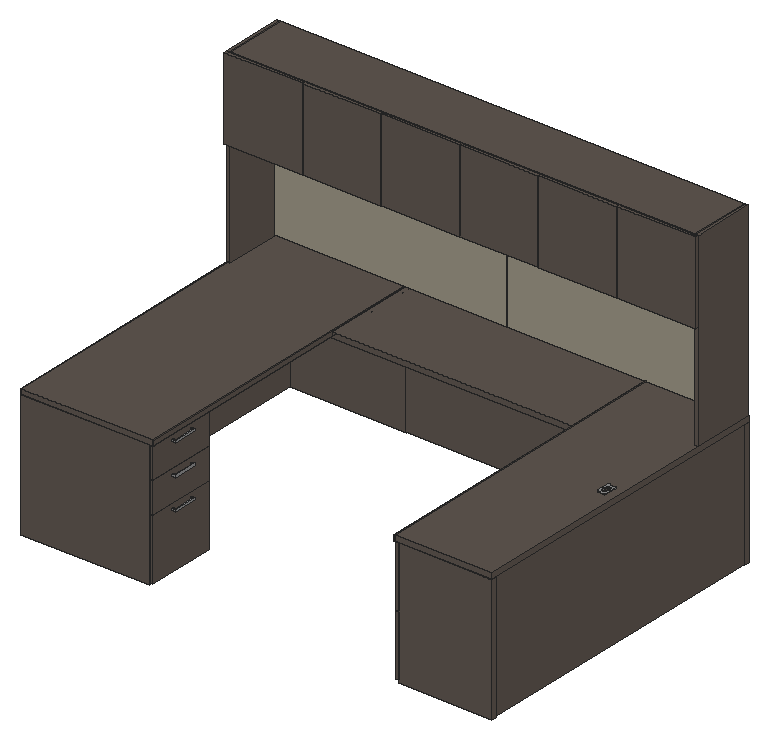
Revit family "T100140", category Furniture, Revit 2022 (continued)
Definition of nested family "FIRST OFFICE-PULSE_DESK_SINGLE_PED_LEFT"
  Automatic sketch dimensions
    Extrusion 8 sketch curve to Extrusion 8 sketch curve = 3/16"
    plane 13 "DRAWER FRONT" to Extrusion 9 sketch curve = 0"  (x2)
    plane 22 to Extrusion 9 sketch curve = 4 5/32"
    Extrusion 9 sketch curve to Extrusion 9 sketch curve = 3/8"  (x2)
    plane 8 "FRONT" to Extrusion 9 sketch curve = 9/16"
    Extrusion 9 sketch curve to plane 23 = 4.84425"
    Extrusion 9 sketch curve to Extrusion 9 sketch curve = 3/16"
    Masking region 1 sketch curve to plane 4 "LEFT" = 0"
    Masking region 1 sketch curve to plane 5 "RIGHT" = 0"
    plane 8 "FRONT" to Masking region 1 sketch curve = 0"
    Masking region 1 sketch curve to plane 14 "ARC DEPTH" = 0"
    Extrusion 10 sketch curve to plane 10 "PEDESTAL TOP" = 0"
    Extrusion 10 sketch curve to plane 12 "PEDESTAL FRONT" = 0"
    Extrusion 10 sketch curve to plane 14 "ARC DEPTH" = 0"
    Extrusion 10 sketch curve to plane 9 "PEDESTAL BOTTOM" = 0.001"
    plane 12 "PEDESTAL FRONT" to Extrusion 11 sketch curve = 0"
    Extrusion 11 sketch curve to plane 19 = 0"
    Extrusion 11 sketch curve to plane 30 = 0"
    Extrusion 11 sketch curve to plane 22 = 0"
    Extrusion 12 sketch curve to plane 8 "FRONT" = 0"
    Extrusion 12 sketch curve to plane 14 "ARC DEPTH" = 0"
    Extrusion 12 sketch curve to plane 10 "PEDESTAL TOP" = 0"
    Extrusion 12 sketch curve to plane 9 "PEDESTAL BOTTOM" = 0.001"
    plane 13 "DRAWER FRONT" to Extrusion 13 sketch curve = 0"
    Extrusion 13 sketch curve to plane 20 = 0"
    Extrusion 13 sketch curve to plane 30 = 0"
    Extrusion 13 sketch curve to plane 24 = 0"
    Extrusion 14 sketch curve to plane 7 "BASE HEIGHT" = 0"
    Extrusion 14 sketch curve to plane 12 "PEDESTAL FRONT" = 0"
    Extrusion 14 sketch curve to plane 9 "PEDESTAL BOTTOM" = 0"
    plane 12 "PEDESTAL FRONT" to Extrusion 15 sketch curve = 0"
    Extrusion 15 sketch curve to plane 22 = 0"
    Extrusion 15 sketch curve to plane 23 = 0"
    plane 12 "PEDESTAL FRONT" to Extrusion 16 sketch curve = 0"
    Extrusion 16 sketch curve to plane 22 = 0"
    Extrusion 16 sketch curve to plane 28 = 0"
    Extrusion 16 sketch curve to plane 23 = 0"
    plane 8 "FRONT" to Masking region 2 sketch curve = 0"  (x2)
    plane 8 "FRONT" to Masking region 2 sketch curve = 3/4"
    plane 22 to Masking region 2 sketch curve = 4 5/32"
    Masking region 2 sketch curve to Masking region 2 sketch curve = 3/8"  (x2)
    Masking region 2 sketch curve to Masking region 2 sketch curve = 4 11/16"
    Masking region 2 sketch curve to Masking region 2 sketch curve = 3/16"
    Extrusion 14 sketch curve to plane 30 = 9 5/8"
Definition of nested family "OFS PULSE HIGHBACK ORGANIZERS w 6 DOORS"
  Parameters (values of type "Highback Organizer 6 Doors 106x43")
    Wood Frame Finish = none
    Height from Floor = 29 1/2"
    Default Elevation = 0"
    Copyright © = "©OFS 2021"
    Chassis Material = none
    URL = "https://ofs.com/"
    Top Bottom Material = none
    Solid Door Finish = none
    Model = "4-10643HD6-2"
    Manufacturer = "OFS"
    Description = "OFS PULSE HIGHBACK ORGANIZER WITH 6 DOORS 106\" Width, 43\" Height"
    Catalog = "https://ofs.com/products/casegoods/private-office/pulse"
    Authoring Version = "Autodesk Revit Architecture 2015"
    Assembly Code = "E2020200"
    Width = 106"
    Height = 42 1/2"
  Types (4): name | Model | Description | Width
    (no name) | "4-10643HD6-2" | "OFS PULSE HIGHBACK ORGANIZER WITH 6 DOORS 106\" Width, 43\" Height" | 106"
    Highback Organizer 6 Doors 90x43 | "4-9043HD6-2" | "OFS PULSE HIGHBACK ORGANIZER WITH 6 DOORS 90\" Width, 43\" Height" | 90"
    Highback Organizer 6 Doors 96x43 | "4-9643HD6-2" | "OFS PULSE HIGHBACK ORGANIZER WITH 6 DOORS 96\" Width, 43\" Height" | 96"
    Highback Organizer 6 Doors 106x43 | "4-10643HD6-2" | "OFS PULSE HIGHBACK ORGANIZER WITH 6 DOORS 106\" Width, 43\" Height" | 106"
  Reference planes (in)
    plane 1 "BACK": y = 0
    plane 2: z = 0
    plane 3 "Center Left/Right": x = 0
    plane 4 "LEFT": x = -53
    plane 5 "RIGHT": x = 53
    plane 6 "FRONT": y = -14
    plane 7: z = 54.75
    plane 8: z = 72
    plane 9: y = -0.563
    plane 10: y = -1.313
    plane 11: z = 55.5
    plane 12: z = 71.25
    plane 13: x = -52.25
    plane 14: x = 52.25
    plane 15: x = -17.64567
    plane 16: x = -26.4685
    plane 17: x = -35.29133
    plane 18: x = 26.4685
    plane 19: x = 17.64567
    plane 20: x = 35.29133
    plane 21: x = 0.063
    plane 22: x = -52.937
    plane 23: x = -17.58267
    plane 24: x = -26.4055
    plane 25: x = -35.22833
    plane 26: x = 26.5315
    plane 27: x = 17.70867
    plane 28: x = 35.35433
    plane 29: x = -0.063
    plane 30: x = 52.937
    plane 31: x = -17.70867
    plane 32: x = -26.5315
    plane 33: x = -35.35433
    plane 34: x = 26.4055
    plane 35: x = 17.58267
    plane 36: x = 35.22833
    plane 37: y = -14.75
    plane 38: z = 29.5
    plane 39: z = 71.937
    plane 40: z = 53.499
    plane 41: z = 30
  Forms (in)
    Extrusion 1, solid, material <- "Top Bottom Material"
      sketch origin (0, 0, 15.705) x (1, 0, 0) y (0, 0, 1)
        loop
          line (-52.25, 39.795) -> (-52.25, 39.045) -> (52.25, 39.045) -> (52.25, 39.795) -> (-52.25, 39.795)
      from 1.313 to 14
    Extrusion 2, solid, material <- "Top Bottom Material"
      sketch origin (0, 0, 29.08) x (1, 0, 0) y (0, 0, 1)
        loop
          line (-52.25, 42.92) -> (-52.25, 42.17) -> (52.25, 42.17) -> (52.25, 42.92) -> (-52.25, 42.92)
      from 0 to 14
    Extrusion 3, solid, material <- "Chassis Material"
      sketch origin (-30, 0, 34.705) x (0, 1, 0) y (0, 0, 1)
        loop
          line (0, 37.295) -> (-14, 37.295) -> (-14, -5.205) -> (0, -5.205) -> (0, 37.295)
      from -23 to -22.25
    Extrusion 4, solid, material <- "Chassis Material"
      sketch origin (24, 0, 34.705) x (0, 1, 0) y (0, 0, -1)
        loop
          line (0, -37.295) -> (0, 5.205) -> (-14, 5.205) -> (-14, -37.295) -> (0, -37.295)
      from -29 to -28.25
    Extrusion 5, solid, material <- "Chassis Material"
      sketch origin (0, 0, 34.705) x (1, 0, 0) y (0, 0, 1)
        loop
          line (-52.25, 36.545) -> (-52.25, -4.705) -> (52.25, -4.705) -> (52.25, 36.545) -> (-52.25, 36.545)
      from 0.563 to 1.313
    Extrusion 6, solid, material <- "Chassis Material"
      sketch origin (8.875, 0, 14) x (1, 0, 0) y (0, 1, 0)
        loop
          line (-26.89567, -1.313) -> (-26.89567, -14) -> (-26.14567, -14) -> (-26.14567, -1.313) -> (-26.89567, -1.313)
      from 41.5 to 57.25
    Extrusion 7, solid, material <- "Chassis Material", not visible
      sketch origin (17.75, 0, 14) x (1, 0, 0) y (0, 1, 0)
        loop
          line (-18.125, -1.313) -> (-18.125, -14) -> (-17.375, -14) -> (-17.375, -1.313) -> (-18.125, -1.313)
      from 41.5 to 57.25
    Extrusion 8, solid, material <- "Chassis Material"
      sketch origin (-8.875, 0, 14) x (-1, 0, 0) y (0, -1, 0)
        loop
          line (-26.89567, 1.313) -> (-26.14567, 1.313) -> (-26.14567, 14) -> (-26.89567, 14) -> (-26.89567, 1.313)
      from 41.5 to 57.25
    Extrusion 9, solid, material <- "Solid Door Finish"
      sketch origin (-29.15905, -15.875, 34.705) x (-1, 0, 0) y (0, 0, 1)
        loop
          line (23.77795, 37.232) -> (6.19528, 37.232) -> (6.19528, 18.794) -> (23.77795, 18.794) -> (23.77795, 37.232)
      from 1.125 to 1.875
    Extrusion 10, solid
      sketch origin (0, 0, 0.062) x (0, 1, 0) y (0, 0, 1)
        loop
          line (-1.313, 29.938) -> (-1.313, 29.438) -> (-0.563, 29.438) -> (-0.563, 29.938) -> (-1.313, 29.938)
      from -52.25 to 52.25
    Extrusion 11, solid, material <- "Solid Door Finish"
      sketch origin (-18.90905, -15.875, 34.705) x (-1, 0, 0) y (0, 0, 1)
        loop
          line (16.31928, 37.232) -> (-1.20038, 37.232) -> (-1.20038, 18.794) -> (16.31928, 18.794) -> (16.31928, 37.232)
      from 1.125 to 1.875
    Extrusion 12, solid, material <- "Solid Door Finish"
      sketch origin (-8.65905, -15.875, 34.705) x (-1, 0, 0) y (0, 0, 1)
        loop
          line (8.92362, 37.232) -> (-8.59605, 37.232) -> (-8.59605, 18.794) -> (8.92362, 18.794) -> (8.92362, 37.232)
      from 1.125 to 1.875
    Extrusion 13, solid, material <- "Solid Door Finish"
      sketch origin (1.09095, -15.875, 34.705) x (-1, 0, 0) y (0, 0, 1)
        loop
          line (1.02795, 37.232) -> (-16.49172, 37.232) -> (-16.49172, 18.794) -> (1.02795, 18.794) -> (1.02795, 37.232)
      from 1.125 to 1.875
    Extrusion 14, solid, material <- "Solid Door Finish"
      sketch origin (10.85513, -15.875, 34.705) x (-1, 0, 0) y (0, 0, 1)
        loop
          line (-6.85354, 37.232) -> (-24.37321, 37.232) -> (-24.37321, 18.794) -> (-6.85354, 18.794) -> (-6.85354, 37.232)
      from 1.125 to 1.875
    Extrusion 15, solid, material <- "Solid Door Finish"
      sketch origin (21.10513, -15.875, 34.705) x (-1, 0, 0) y (0, 0, 1)
        loop
          line (-14.24921, 37.232) -> (-31.83187, 37.232) -> (-31.83187, 18.794) -> (-14.24921, 18.794) -> (-14.24921, 37.232)
      from 1.125 to 1.875
  Lines and regions (in)
    Masking region 1
      outline origin (0, 0, 0) x (1, 0, 0) y (0, 1, 0)
        loop
          line (-53, 0) -> (-53, -14) -> (53, -14) -> (53, 0) -> (-53, 0)
    Masking region 2
      outline origin (0, 0, 0) x (1, 0, 0) y (0, 1, 0)
        loop
          line (-53, 0) -> (-53, -14) -> (53, -14) -> (53, 0) -> (-53, 0)
    Masking region 3
      outline origin (0, 0, 0) x (1, 0, 0) y (0, 1, 0)
        loop
          line (-52.937, -14) -> (-52.937, -14.75) -> (-35.35433, -14.75) -> (-35.35433, -14) -> (-52.937, -14)
    Masking region 4
      outline origin (0, 0, 0) x (1, 0, 0) y (0, 1, 0)
        loop
          line (-35.22833, -14) -> (-35.22833, -14.75) -> (-17.70867, -14.75) -> (-17.70867, -14) -> (-35.22833, -14)
    Masking region 5
      outline origin (10.25, 0, 0) x (1, 0, 0) y (0, 1, 0)
        loop
          line (-27.83267, -14) -> (-27.83267, -14.75) -> (-10.313, -14.75) -> (-10.313, -14) -> (-27.83267, -14)
    Masking region 6
      outline origin (20.25, 0, 0) x (1, 0, 0) y (0, 1, 0)
        loop
          line (-20.187, -14) -> (-20.187, -14.75) -> (-2.66733, -14.75) -> (-2.66733, -14) -> (-20.187, -14)
    Masking region 7
      outline origin (30.5, 0, 0) x (1, 0, 0) y (0, 1, 0)
        loop
          line (-12.79133, -14) -> (-12.79133, -14.75) -> (4.72833, -14.75) -> (4.72833, -14) -> (-12.79133, -14)
    Masking region 8
      outline origin (40.75, 0, 0) x (1, 0, 0) y (0, 1, 0)
        loop
          line (-5.39567, -14) -> (-5.39567, -14.75) -> (12.187, -14.75) -> (12.187, -14) -> (-5.39567, -14)
    Masking region 9, not visible
      outline origin (0, 0, 0) x (1, 0, 0) y (0, 1, 0)
        loop
          line (-52.937, -14) -> (-52.937, -14.75) -> (-26.5315, -14.75) -> (-26.5315, -14) -> (-52.937, -14)
    Masking region 10, not visible
      outline origin (15.25, 0, 0) x (1, 0, 0) y (0, 1, 0)
        loop
          line (-41.6555, -14) -> (-41.6555, -14.75) -> (-15.313, -14.75) -> (-15.313, -14) -> (-41.6555, -14)
    Masking region 11, not visible
      outline origin (30.5, 0, 0) x (1, 0, 0) y (0, 1, 0)
        loop
          line (-30.437, -14) -> (-30.437, -14.75) -> (-4.0945, -14.75) -> (-4.0945, -14) -> (-30.437, -14)
    Masking region 12, not visible
      outline origin (51.25, 0, 0) x (1, 0, 0) y (0, 1, 0)
        loop
          line (-24.7185, -14) -> (-24.7185, -14.75) -> (1.687, -14.75) -> (1.687, -14) -> (-24.7185, -14)
  Dimensions and locks (in)
    "Width": plane 4 "LEFT" to plane 5 "RIGHT"
    locked: plane 6 "FRONT" to plane 1 "BACK" at 14
    locked: plane 8 to plane 12 at 0.75
    Extrusion 6 sketch curve to plane 15 to Extrusion 6 sketch curve = 3/8" locked, 3/8" locked
    Extrusion 7 sketch curve to plane 3 "Center Left/Right" to Extrusion 7 sketch curve = 3/8" locked, 3/8" locked
    Extrusion 8 sketch curve to plane 19 to Extrusion 8 sketch curve = 3/8" locked, 3/8" locked
    locked: plane 4 "LEFT" to plane 22 at 0.063
    plane 33 to plane 17 to plane 25 = 0.063" locked, 0.063" locked
    plane 32 to plane 16 to plane 24 = 0.063" locked, 0.063" locked
    locked: plane 4 "LEFT" to plane 13 at 0.75
    plane 31 to plane 15 to plane 23 = 0.063" locked, 0.063" locked
    plane 29 to plane 3 "Center Left/Right" to plane 21 = 0.063" locked, 0.063" locked
    plane 35 to plane 19 to plane 27 = 0.063" locked, 0.063" locked
    plane 34 to plane 18 to plane 26 = 0.063" locked, 0.063" locked
    plane 36 to plane 20 to plane 28 = 0.063" locked, 0.063" locked
    locked: plane 30 to plane 5 "RIGHT" at 0.063
    locked: plane 14 to plane 5 "RIGHT" at 0.75
    equal spacing: plane 22, plane 16, plane 3 "Center Left/Right", plane 18, plane 30
    equal spacing: plane 22, plane 17, plane 15, plane 3 "Center Left/Right"
    equal spacing: plane 3 "Center Left/Right", plane 19, plane 20, plane 30
    locked: plane 37 to plane 6 "FRONT" at 0.75
    locked: plane 8 to plane 39 at 0.063
    plane 10 to plane 9 to plane 1 "BACK" = 3/4" locked, 0.563" locked
    plane 11 to plane 7 to plane 40 to plane 41 to plane 38 = 3/4" locked, 1.251" locked, 23.499" locked, 1/2" locked
    "Height from Floor": plane 38 to plane 2
    "Height": plane 8 to plane 38
    aligned and locked: Extrusion 1 sketch curve to plane 7
    aligned: Extrusion 1 to plane 1 "BACK"
    aligned: plane 6 "FRONT" to Extrusion 1
    aligned and locked: Masking region 1 sketch curve to plane 4 "LEFT"
    aligned and locked: plane 5 "RIGHT" to Masking region 1 sketch curve
    aligned and locked: plane 8 to Extrusion 2 sketch curve
    aligned and locked: plane 6 "FRONT" to Extrusion 2
    aligned and locked: plane 6 "FRONT" to Extrusion 3
    aligned and locked: plane 6 "FRONT" to Extrusion 4
    aligned and locked: Extrusion 5 to plane 9
    aligned and locked: plane 13 to Extrusion 3
    aligned and locked: Extrusion 5 to plane 13
    aligned and locked: Extrusion 5 to plane 14
    aligned and locked: plane 5 "RIGHT" to Extrusion 4
    aligned and locked: plane 14 to Extrusion 4
    aligned: plane 12 to Extrusion 3
    aligned: plane 12 to Extrusion 4
    aligned and locked: Extrusion 2 to plane 12
    aligned and locked: plane 12 to Extrusion 5
    aligned: plane 11 to Extrusion 1
    aligned: Extrusion 3 to plane 11
    aligned: Extrusion 4 to plane 11
    aligned: Extrusion 5 to plane 11
    aligned and locked: plane 12 to Extrusion 6
    aligned and locked: plane 12 to Extrusion 7
    aligned and locked: plane 12 to Extrusion 8
    aligned and locked: plane 8 to Extrusion 3
    aligned and locked: Extrusion 2 to plane 13
    aligned and locked: plane 8 to Extrusion 4
    aligned and locked: Extrusion 2 to plane 14
    aligned: Extrusion 1 to plane 10
    aligned and locked: plane 10 to Extrusion 5
    aligned and locked: plane 39 to Extrusion 9
    aligned and locked: Extrusion 9 to plane 40
    aligned and locked: Extrusion 6 to plane 11
    aligned and locked: Extrusion 7 to plane 11
    aligned and locked: Extrusion 8 to plane 11
    aligned and locked: Extrusion 3 to plane 4 "LEFT"
    aligned and locked: Extrusion 4 to plane 38
    aligned and locked: Extrusion 3 to plane 38
    aligned: Extrusion 5 to plane 38
    aligned and locked: Extrusion 5 to plane 41
    aligned and locked: Extrusion 10 to plane 13
    aligned and locked: Extrusion 10 to plane 14
    aligned and locked: Extrusion 9 to plane 6 "FRONT"
    aligned and locked: plane 37 to Extrusion 9
    aligned and locked: plane 37 to Extrusion 11
    aligned and locked: Extrusion 11 to plane 6 "FRONT"
    aligned and locked: Extrusion 12 to plane 6 "FRONT"
    aligned and locked: plane 37 to Extrusion 12
    aligned and locked: Extrusion 13 to plane 6 "FRONT"
    aligned and locked: plane 37 to Extrusion 13
    aligned and locked: Extrusion 14 to plane 6 "FRONT"
    aligned and locked: plane 37 to Extrusion 14
    aligned and locked: Extrusion 15 to plane 6 "FRONT"
    aligned and locked: plane 37 to Extrusion 15
    aligned and locked: Extrusion 1 sketch curve to plane 13
    aligned and locked: Extrusion 1 sketch curve to plane 14
    aligned and locked: Extrusion 9 to plane 22
    aligned and locked: plane 33 to Extrusion 9
    aligned and locked: Extrusion 11 to plane 25
    aligned and locked: plane 31 to Extrusion 11
    aligned and locked: Extrusion 12 to plane 23
    aligned and locked: plane 29 to Extrusion 12
    aligned and locked: Extrusion 13 to plane 21
    aligned and locked: Extrusion 13 to plane 35
    aligned and locked: plane 27 to Extrusion 14
    aligned and locked: Extrusion 14 to plane 36
    aligned and locked: plane 28 to Extrusion 15
    aligned and locked: plane 30 to Extrusion 15
    aligned and locked: Masking region 4 to plane 25
    aligned and locked: plane 31 to Masking region 4
    aligned and locked: Masking region 5 to plane 23
    aligned and locked: plane 29 to Masking region 5
    aligned and locked: Masking region 6 to plane 21
    aligned and locked: Masking region 6 to plane 35
    aligned and locked: plane 27 to Masking region 7
    aligned and locked: Masking region 7 to plane 36
    aligned and locked: plane 28 to Masking region 8
    aligned and locked: plane 30 to Masking region 8
    aligned and locked: Masking region 10 to plane 24
    aligned and locked: plane 29 to Masking region 10
    aligned and locked: Masking region 11 to plane 21
    aligned and locked: Masking region 11 to plane 34
    aligned and locked: plane 26 to Masking region 12
    aligned and locked: plane 30 to Masking region 12
  Automatic sketch dimensions
    Extrusion 1 sketch curve to plane 11 = 0"
    plane 6 "FRONT" to Masking region 1 sketch curve = 0"
    plane 1 "BACK" to Masking region 1 sketch curve = 0"
    Extrusion 2 sketch curve to plane 12 = 0"
    Extrusion 2 sketch curve to plane 13 = 0"
    plane 14 to Extrusion 2 sketch curve = 0"
    Extrusion 3 sketch curve to plane 6 "FRONT" = 0"
    Extrusion 3 sketch curve to plane 1 "BACK" = 0"
    Extrusion 3 sketch curve to plane 38 = 0"
    Extrusion 3 sketch curve to plane 8 = 0"
    Extrusion 4 sketch curve to plane 6 "FRONT" = 0"
    Extrusion 4 sketch curve to plane 1 "BACK" = 0"
    Extrusion 4 sketch curve to plane 8 = 0"
    Extrusion 4 sketch curve to plane 38 = 0"
    Extrusion 5 sketch curve to plane 13 = 0"
    Extrusion 5 sketch curve to plane 12 = 0"
    plane 14 to Extrusion 5 sketch curve = 0"
    Extrusion 5 sketch curve to plane 41 = 0"
    Masking region 2 sketch curve to plane 4 "LEFT" = 0"
    plane 1 "BACK" to Masking region 2 sketch curve = 0"
    Masking region 2 sketch curve to plane 5 "RIGHT" = 0"
    plane 6 "FRONT" to Masking region 2 sketch curve = 0"
    plane 6 "FRONT" to Extrusion 6 sketch curve = 0"
    plane 10 to Extrusion 6 sketch curve = 0"
    plane 6 "FRONT" to Extrusion 7 sketch curve = 0"
    plane 10 to Extrusion 7 sketch curve = 0"
    plane 6 "FRONT" to Extrusion 8 sketch curve = 0"
    plane 10 to Extrusion 8 sketch curve = 0"
    Extrusion 9 sketch curve to plane 33 = 0"
    Extrusion 9 sketch curve to plane 22 = 0"
    Extrusion 9 sketch curve to plane 40 = 0"
    Extrusion 9 sketch curve to plane 39 = 0"
    Extrusion 10 sketch curve to plane 10 = 0"
    Extrusion 10 sketch curve to plane 9 = 0"
    Extrusion 10 sketch curve to plane 38 = 0"
    Extrusion 10 sketch curve to plane 41 = 0"
    Extrusion 11 sketch curve to plane 31 = 0"
    Extrusion 11 sketch curve to plane 25 = 0"
    Extrusion 11 sketch curve to plane 40 = 0"
    Extrusion 11 sketch curve to plane 39 = 0"
    Extrusion 12 sketch curve to plane 29 = 0"
    Extrusion 12 sketch curve to plane 23 = 0"
    Extrusion 12 sketch curve to plane 40 = 0"
    Extrusion 12 sketch curve to plane 39 = 0"
    plane 35 to Extrusion 13 sketch curve = 0"
    Extrusion 13 sketch curve to plane 21 = 0"
    Extrusion 13 sketch curve to plane 40 = 0"
    Extrusion 13 sketch curve to plane 39 = 0"
    plane 36 to Extrusion 14 sketch curve = 0"
    plane 27 to Extrusion 14 sketch curve = 0"
    Extrusion 14 sketch curve to plane 40 = 0"
    Extrusion 14 sketch curve to plane 39 = 0"
    Extrusion 15 sketch curve to plane 30 = 0"
    plane 28 to Extrusion 15 sketch curve = 0"
    Extrusion 15 sketch curve to plane 40 = 0"
    Extrusion 15 sketch curve to plane 39 = 0"
    Masking region 3 sketch curve to plane 22 = 0"
    plane 6 "FRONT" to Masking region 3 sketch curve = 0"
    Masking region 3 sketch curve to plane 33 = 0"
    plane 37 to Masking region 3 sketch curve = 0"
    Masking region 4 sketch curve to plane 25 = 0"
    plane 6 "FRONT" to Masking region 4 sketch curve = 0"
    Masking region 4 sketch curve to plane 31 = 0"
    plane 37 to Masking region 4 sketch curve = 0"
    Masking region 5 sketch curve to plane 23 = 0"
    plane 6 "FRONT" to Masking region 5 sketch curve = 0"
    Masking region 5 sketch curve to plane 29 = 0"
    plane 37 to Masking region 5 sketch curve = 0"
    Masking region 6 sketch curve to plane 21 = 0"
    plane 6 "FRONT" to Masking region 6 sketch curve = 0"
    Masking region 6 sketch curve to plane 35 = 0"
    plane 37 to Masking region 6 sketch curve = 0"
    Masking region 7 sketch curve to plane 27 = 0"
    plane 6 "FRONT" to Masking region 7 sketch curve = 0"
    Masking region 7 sketch curve to plane 36 = 0"
    plane 37 to Masking region 7 sketch curve = 0"
    Masking region 8 sketch curve to plane 28 = 0"
    plane 6 "FRONT" to Masking region 8 sketch curve = 0"
    Masking region 8 sketch curve to plane 30 = 0"
    plane 37 to Masking region 8 sketch curve = 0"
    Masking region 9 sketch curve to plane 22 = 0"
    plane 6 "FRONT" to Masking region 9 sketch curve = 0"
    Masking region 9 sketch curve to plane 32 = 0"
    plane 37 to Masking region 9 sketch curve = 0"
    Masking region 10 sketch curve to plane 24 = 0"
    plane 6 "FRONT" to Masking region 10 sketch curve = 0"
    Masking region 10 sketch curve to plane 29 = 0"
    plane 37 to Masking region 10 sketch curve = 0"
    Masking region 11 sketch curve to plane 21 = 0"
    plane 6 "FRONT" to Masking region 11 sketch curve = 0"
    Masking region 11 sketch curve to plane 34 = 0"
    plane 37 to Masking region 11 sketch curve = 0"
    plane 37 to Masking region 12 sketch curve = 0"
    plane 6 "FRONT" to Masking region 12 sketch curve = 0"
    plane 28 to Masking region 12 sketch curve = 8.82283"
    Masking region 12 sketch curve to plane 5 "RIGHT" = 0.063"
